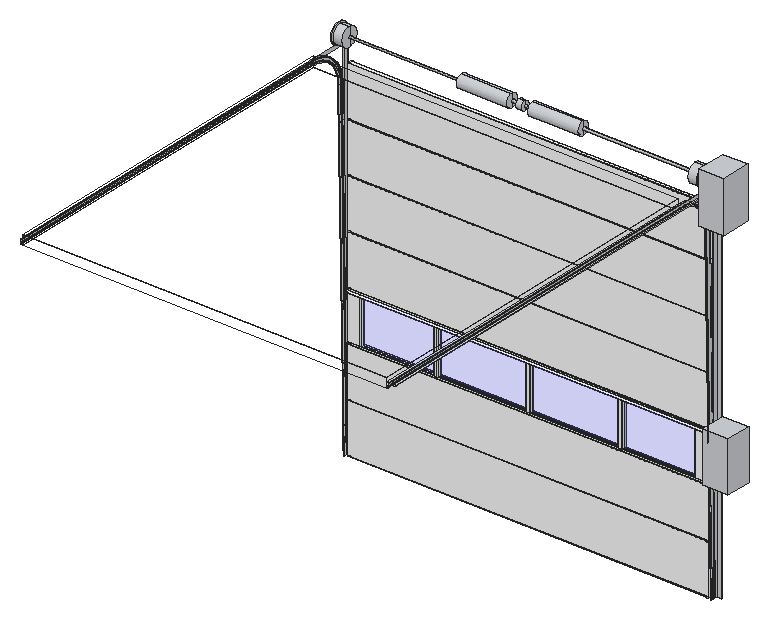
Revit family "EX3200 Complete Door - DraftA", category Doors, host Wall, Revit 2022
Family settings
  Host = Wall
  OmniClass Number = 23.30.10.17.37.14
  OmniClass Title = Sectional Overhead Doors
  Always vertical = Yes
  Cut with Voids When Loaded = No
  Shared = No
  Room Calculation Point = No
Parameters (values of type "By Type")
  Windload = "Doors available rated for various design pressures; consult Clopay for avaialbility and specifications"
  VisSection6 = NumSections = 6  # no
  VisSection5 = NumSections > 4  # yes
  VisSection4 = NumSections > 3  # yes
  VisSection3 = NumSections > 2  # yes
  VisArray = NumSections > 6  # yes
  URL = "www.clopaydoor.com"
  Track Type = Track - Standard Lift : 15" Radius
  Track = "Galvanized steel (gauge varies according to door size)"
  Thickness = 0' - 2"  # constant formula
  Spec Wizard = "http://www.arcat.com/specwizard/08360clo/index.htm"
  Section Height = Height / NumSections  # 2' - 0"
  Section 5 Glazing = Section : Solid
  Section 4 Glazing = Section : Solid
  Section 3 Glazing = Full Vision Section : Intermediate
  Sales Information = "http://www.clopaydoor.com/where-to-buy.aspx?type=dealer"
  Rough Width = 0' - 0"  # constant formula
  Rough Height = 0' - 0"  # constant formula
  R-Value = "9.1"
  Product Features and Benefits = "http://www.clopaydoor.com/insulated-polystyrene-applications.aspx"
  Overlapping Jamb = yes
  Overlap = if(Overlapping Jamb, 0' 1", 0' 0")  # 0' - 1"
  Opening Width = 14' - 2"
  Opening Height = 14' - 0"
  Opener - Right Side = yes
  Opener - Left Side = not([Opener - Right Side])  # no
  Omniclass Table = "23-30 10 17 37 "
  NumSectionsNotRounded = Height / 2' 0"  # 7
  NumSections = NumSectionsNotRounded + 0.4999  # 7
  NumArraySections = if(NumSections > 6, NumSections - 5, 2)  # 2
  Model = "3715"
  Minimum Size = "8' 0'' wide x 7' 0'' high"  # constant formula
  Maximum Size = "16' 2'' wide x 14' 0'' high"  # constant formula
  Maximum High Lift = "10' 0''"  # constant formula
  Manufacturer Website = "http://www.clopaydoor.com"
  Manufacturer Phone Number = "1-800-526-4301"
  Manufacturer Address = "1400 W. Market St., Troy, OH 45373"
  Manufacturer = "Clopay Building Products Company"
  LEED = "http://products.construction.com/swts_content_files/151607/303186.pdf"
  Keynote = "08 36 13"
  Interior Steel = "28 ga. galvanized, primed, and finish painted"
  High Lift = 4' - 0"
  Hardware = "14 ga. min. steel hinges; 10-ball steel rollers"
  GreenFormat = "http://www.greenformat.com/products/1536-Polyurethane%20Insulated%20Doors.rtf"
  Function = Interior
  Height = Opening Height + Rough Width * 0  # 14' - 0"
  Wall Closure = By host
  Width = Opening Width + Rough Width * 0  # 14' - 2"
  FloorToSection7 = 6 * Section Height  # 12' - 0"
  FloorToSection6 = 5 * Section Height  # 10' - 0"
  FloorToSection5 = 4 * Section Height  # 8' - 0"
  FloorToSection4 = 3 * Section Height  # 6' - 0"
  FloorToSection3 = 2 * Section Height  # 4' - 0"
  FloorToSection2 = Section Height  # 2' - 0"
  File Revision = "02 (August, 2012)"
  Exterior Steel = "24 ga. galvanized, primed, and finish painted"
  Double End Stiles = 1 = 1  # yes
  Door Width = Opening Width + Overlap * 2  # 14' - 4"
  Door Height = Opening Height + Rough Width * 0  # 14' - 0"
  Description = "1-3/8'' thick polyurethane insulated, stucco embossed 27 gauge steel exterior with light ribbed pattern."
  Core Material = "Expanded polystyrene"
  Copyright = "2010, Clopay Building Products Company, Inc."
  Control Box - Right Side = [Opener - Right Side]  # yes
  Control Box - Left Side = [Opener - Left Side]  # no
  Color = White
  CAD and Specifications = "http://www.clopaydoor.com/insulated-polystyrene-specs.aspx"
  Assembly Code = "B2030410"
Reference planes (in)
  plane 1 "Center (Front/Back)": y = 0
  plane 2 "Center (Left/Right)": x = 0
  plane 3 "Left": x = -85
  plane 4 "Right": x = 85
  plane 5 "Top": z = 168
  plane 6 "Exterior": y = 3
  plane 7 "Interior": y = -3
  plane 8: z = 120
  plane 9: z = 144
Lines and regions (in)
  Opening 1
    outline origin (-90, -3, 0) x (1, 0, 0) y (0, 0, 1)
      loop
        line (5, 0) -> (175, 0) -> (175, 168) -> (5, 168) -> (5, 0)
Text (in)
  text "Exterior" at (-74.96733, 27.31104, 0), in view "Ref. Level"
  text "Interior" at (-74.96733, -25.14366, 0), in view "Ref. Level"
  text "Exterior" at (0, 40.15149, 123.01588), in view "Right"
  text "Interior" at (0, -64.39139, 123.01588), in view "Right"
  text "Interior" at (0, -31.01599, 123.00693), in view "Left"
  text "Exterior" at (0, 54.57065, 123.00693), in view "Left"
Dimensions and locks (in)
  equal spacing: plane 3 "Left", plane 2 "Center (Left/Right)", plane 4 "Right"
  "Height": level to plane 5 "Top"
  "Width": plane 3 "Left" to plane 4 "Right"
  host wall to plane 5 "Top" = 14' - 0"
  nested 1 to plane 7 "Interior" = 0' - 0 1/2"
  "FloorToSection6": plane 8 to level
  "FloorToSection7": plane 9 to level
  group 1 to group 2 = 0' - 0"  (x2)
  group 1 to group 2 = 2' - 0"
  host wall to host wall = 67' - 6"
  aligned and locked: plane 3 "Left" to Opening 1 sketch curve
  aligned and locked: plane 5 "Top" to Opening 1 sketch curve
  aligned and locked: Opening 1 sketch curve to plane 5 "Top"
  aligned and locked: Opening 1 sketch curve to plane 4 "Right"
  aligned and locked: Opening 1 sketch curve to level
  aligned and locked: plane 6 "Exterior" to host wall
  aligned and locked: host wall to plane 7 "Interior"
  aligned and locked: plane 2 "Center (Left/Right)" to nested 2
  aligned and locked: plane 2 "Center (Left/Right)" to nested 3
  aligned and locked: plane 2 "Center (Left/Right)" to nested 4
  aligned and locked: plane 2 "Center (Left/Right)" to nested 5
  aligned and locked: plane 2 "Center (Left/Right)" to nested 7
  aligned and locked: nested 7 to plane 8
  aligned and locked: nested 8 to plane 9
  aligned and locked: plane 7 "Interior" to nested 2
  aligned and locked: plane 7 "Interior" to nested 7
  aligned and locked: host wall to nested 8
  aligned and locked: plane 7 "Interior" to nested 3
  aligned and locked: host wall to nested 3
  aligned and locked: plane 7 "Interior" to nested 1
  aligned and locked: nested 2 to host wall
  aligned and locked: plane 7 "Interior" to nested 6
  aligned and locked: plane 7 "Interior" to nested 5
  aligned and locked: host wall to nested 7
  aligned and locked: plane 7 "Interior" to nested 4
  aligned and locked: nested 11 to plane 2 "Center (Left/Right)"
Nested families (in)
  nested 1: "Section" at (0, 0, 0), type "Solid"
  nested 2: "Section" at (0, 0, 24), built-in parameter 1001364 <- "Section Height", type "Solid"
  nested 3: "Full Vision Section" at (0, 0, 48), type <- "Section 3 Glazing", built-in parameter 1001364 <- "FloorToSection3", visible <- "VisSection3", type "Intermediate"
    with SingleStileVis no, Rail Width 14' - 3 13/16", NumIntStiles 3, Half Rail Width 7' - 1 29/32", Half Door Width 7' - 2", Glass Width 14' - 2 13/16", End Stile Face 0' - 6", Edge to 1st Int Stile 3' - 6", Double End Stiles yes, Door Width 14' - 4", ArrayStileVis yes, ArrayIntStiles 3
  nested 4: "Section" at (0, 0, 120), built-in parameter 1001364 <- "FloorToSection6", visible <- "VisSection6", type "Solid"
  nested 5: "Section" at (0, 0, 96), built-in parameter 1001364 <- "FloorToSection5", type <- "Section 5 Glazing", visible <- "VisSection5", type "Solid"
  nested 6: "Section" at (0, 0, 72), type <- "Section 4 Glazing", built-in parameter 1001364 <- "FloorToSection4", visible <- "VisSection4", type "Solid"
  nested 7: "Section" at (0, 0, 120), visible <- "VisArray", type "Solid"
  nested 8: "Section" at (0, 0, 144), visible <- "VisArray", type "Solid"
  nested 9: "Section" at (0, 4.67704, 636.93806), type "Windows - 24x8", not visible
  nested 10: "Section" at (0, 4.63986, 609.3176), type "Windows - 24x12", not visible
  nested 11: "Track - Standard Lift" at (0, 0, 0) x (-1, 0, 0) z (0, 0, 1), type <- "Track Type", type "15" Radius"
    with TrackToTrack 14' - 6", Door Width 14' - 4", CenterToLHTrack 7' - 3", CenterToRHTrack -7' - 3", CenterToJackShaft 7' - 7"
Definition of nested family "Section"
  Parameters (values of type "Windows - 24x12")
    X9 = if(if(NumArrayedWindows < NumWindows, NumArrayedWindows + 1, NumWindows) < 9, X1, X8 + WindowSpacing)  # 0' - 8 1/2"
    X8 = if(if(NumArrayedWindows < NumWindows, NumArrayedWindows + 1, NumWindows) < 8, X1, X7 + WindowSpacing)  # 0' - 8 1/2"
    X7 = if(if(NumArrayedWindows < NumWindows, NumArrayedWindows + 1, NumWindows) < 7, X1, X6 + WindowSpacing)  # 0' - 8 1/2"
    X6 = if(if(NumArrayedWindows < NumWindows, NumArrayedWindows + 1, NumWindows) < 6, X1, X5 + WindowSpacing)  # 0' - 8 1/2"
    X5 = if(if(NumArrayedWindows < NumWindows, NumArrayedWindows + 1, NumWindows) < 5, X1, X4 + WindowSpacing)  # 0' - 8 1/2"
    X4 = if(if(NumArrayedWindows < NumWindows, NumArrayedWindows + 1, NumWindows) < 4, X1, X3 + WindowSpacing)  # 11' - 8 1/2"
    X3 = if(NumWindows < 3, X1, X2 + WindowSpacing)  # 8' - 0 1/2"
    X2 = if(NumWindows < 2, ((Door Width - (NumWindows - 1) * WindowSpacing) / 2 - Cutout Width / 2), ((Door Width - (NumWindows - 1) * WindowSpacing) / 2 - Cutout Width / 2) + WindowSpacing)  # 4' - 4 1/2"
    Windows = 37xx Window Array : 24x12
    WindowVis = yes
    WindowSpacing = if(and(Door Width < 10' 0", Door Width > 9' 2"), 3' 4", 3' 8")  # 3' - 8"
    WindowCutDepth = 0' - 2"
    Section Height = 2' - 0"
    RibSpacing = Section Height / (NumRibs + 1)  # 0' - 4"
    NumWindows = if(Door Width < 9' 4", 2, if(Door Width < 13' 4", 3, if(Door Width < 16' 4", 4, if(Door Width < 20' 4", 5, if(Door Width < 24' 4", 6, if(Door Width < 26' 4", 7, if(Door Width < 31' 8", 8, 10)))))))  # 4
    NumRibs = if(Section Height < 1' 9", 3, if(Section Height < 2' 0", 4, 5))  # 5
    NumArrayedWindows = if(X2 = X1, NumWindows - 2, NumWindows)  # 4
    Half Section Height = Section Height / 2  # 1' - 0"
    Half Door Width Neg = -Half Door Width  # -7' - 2"
    Half Door Width = Door Width / 2  # 7' - 2"
    Half Cutout Height = Cutout Height / 2  # 0' - 5 1/2"
    Function = (empty or 0)
    Height = 0' - 0"
    Wall Closure = (empty or 0)
    Width = 0' - 0"
    X1 = if(or(Door Width > 31' 6", and(Door Width > 26' 2", Door Width < 28' 1"), Door Width = 24' 3", Door Width = 24' 4", and(Door Width > 20' 2", Door Width < 20' 11"), and(Door Width > 16' 2", Door Width < 17' 3")), X2, (Door Width - (NumWindows - 1) * WindowSpacing) / 2 - Cutout Width / 2)  # 0' - 8 1/2"
    Door Width = 14' - 4"
    Define Thermal Properties by = 1
    CutoutToCutout = 1' - 0"
    Cutout Width = 1' - 11"
    Cutout Height = 0' - 11"
    Color = none
    BtmTo1stRib = RibSpacing  # 0' - 4"
    Assembly Code = ""
    Analytic Construction = "<None>"
  Types (3): name | Windows | WindowVis | WindowCutDepth | Half Cutout Height | Cutout Height
    Windows - 24x12 | 37xx Window Array : 24x12 | yes | 0' - 2" | 0' - 5 1/2" | 0' - 11"
    Windows - 24x8 | 37xx Window Array : 24x8 | yes | 0' - 2" | 0' - 3 1/2" | 0' - 7"
    Solid | 37xx Window Array : 24x8 | no | -0' - 0 13/128" | 0' - 3 1/2" | 0' - 7"
  Reference planes (in)
    plane 1 "Center (Front/Back)": y = 0
    plane 2 "Center (Left/Right)": x = 0
    plane 3 "Exterior": y = 3
    plane 4 "Interior": y = -3
    plane 5: y = -3.5
    plane 6: x = 86
    plane 7: x = -86
    plane 8: z = 4
    plane 9: z = 8
    plane 10: z = 24
    plane 11: z = 12
    plane 12: z = 0
  Forms (in)
    Extrusion 1, solid, material <- "Color"
      sketch origin (-86, -12, 83.08252) x (0, 0, 1) y (0, -1, 0)
        loop
          line (-59.08252, -8.37573) -> (-59.08252, -6.62444)
          arc (-59.08252, -6.62444) -> (-59.11897, -6.53645) -> (-59.20696, -6.5) r 0.12444
          line (-59.20696, -6.5) -> (-82.95809, -6.5)
          arc (-82.95809, -6.5) -> (-83.04608, -6.53645) -> (-83.08252, -6.62444) r 0.12444
          line (-83.08252, -6.62444) -> (-83.08252, -8.37573)
          arc (-83.08252, -8.37573) -> (-83.04612, -8.4636) -> (-82.95825, -8.5) r 0.12427
          line (-82.95825, -8.5) -> (-59.20679, -8.5)
          arc (-59.20679, -8.5) -> (-59.11892, -8.4636) -> (-59.08252, -8.37573) r 0.12427
      from 0 to 172 <- "Door Width"
    Extrusion 2, void
      sketch origin (0, 0, -0.5) x (0, -1, 0) y (0, 0, 1)
        loop
          line (3.5, 4.62727) -> (3.5, 4.37273) -> (3.53032, 4.41942)
          arc (3.53032, 4.41942) -> (3.53753, 4.43506) -> (3.54, 4.4521) r 0.06
          line (3.54, 4.4521) -> (3.54, 4.5479)
          arc (3.54, 4.5479) -> (3.53753, 4.56494) -> (3.53032, 4.58058) r 0.06
          line (3.53032, 4.58058) -> (3.5, 4.62727)
      from -86 <- "Half Door Width Neg" to 172 <- "Door Width"
    Extrusion 3, void
      sketch origin (0, 0, 3.5) x (0, -1, 0) y (0, 0, 1)
        loop
          line (3.5, 4.62727) -> (3.5, 4.37273) -> (3.53032, 4.41942)
          arc (3.53032, 4.41942) -> (3.53753, 4.43506) -> (3.54, 4.4521) r 0.06
          line (3.54, 4.4521) -> (3.54, 4.5479)
          arc (3.54, 4.5479) -> (3.53753, 4.56494) -> (3.53032, 4.58058) r 0.06
          line (3.53032, 4.58058) -> (3.5, 4.62727)
      from -86 <- "Half Door Width Neg" to 172 <- "Door Width"
    Extrusion 4, void
      sketch origin (0, 0, 7.5) x (0, -1, 0) y (0, 0, 1)
        loop
          line (3.5, 4.62727) -> (3.5, 4.37273) -> (3.53032, 4.41942)
          arc (3.53032, 4.41942) -> (3.53753, 4.43506) -> (3.54, 4.4521) r 0.06
          line (3.54, 4.4521) -> (3.54, 4.5479)
          arc (3.54, 4.5479) -> (3.53753, 4.56494) -> (3.53032, 4.58058) r 0.06
          line (3.53032, 4.58058) -> (3.5, 4.62727)
      from -86 <- "Half Door Width Neg" to 172 <- "Door Width"
    Extrusion 5, void
      sketch origin (-98.15385, -3.5, 48) x (1, 0, 0) y (0, 0, 1)
        loop
          line (175.65385, -30.5) -> (152.65385, -30.5) -> (152.65385, -36) -> (175.65385, -36) -> (175.65385, -30.5)
      from 0 to 2 <- "WindowCutDepth"
    Extrusion 6, void
      sketch origin (-98.15385, -3.5, -24) x (1, 0, 0) y (0, 0, 1)
        loop
          line (175.65385, 30.5) -> (175.65385, 36) -> (152.65385, 36) -> (152.65385, 30.5) -> (175.65385, 30.5)
      from 0 to 2 <- "WindowCutDepth"
    Extrusion 7, void
      sketch origin (-136.15385, -3.5, 48) x (1, 0, 0) y (0, 0, 1)
        loop
          line (169.65385, -30.5) -> (146.65385, -30.5) -> (146.65385, -36) -> (169.65385, -36) -> (169.65385, -30.5)
      from 0 to 2 <- "WindowCutDepth"
    Extrusion 8, void
      sketch origin (-136.15385, -3.5, -24) x (1, 0, 0) y (0, 0, 1)
        loop
          line (169.65385, 30.5) -> (169.65385, 36) -> (146.65385, 36) -> (146.65385, 30.5) -> (169.65385, 30.5)
      from 0 to 2 <- "WindowCutDepth"
    Extrusion 9, void
      sketch origin (-171.15385, -3.5, 48) x (1, 0, 0) y (0, 0, 1)
        loop
          line (160.65385, -30.5) -> (137.65385, -30.5) -> (137.65385, -36) -> (160.65385, -36) -> (160.65385, -30.5)
      from 0 to 2 <- "WindowCutDepth"
    Extrusion 10, void
      sketch origin (-171.15385, -3.5, -24) x (1, 0, 0) y (0, 0, 1)
        loop
          line (160.65385, 30.5) -> (160.65385, 36) -> (137.65385, 36) -> (137.65385, 30.5) -> (160.65385, 30.5)
      from 0 to 2 <- "WindowCutDepth"
    Extrusion 11, void
      sketch origin (-214.15385, -3.5, 48) x (1, 0, 0) y (0, 0, 1)
        loop
          line (159.65385, -30.5) -> (136.65385, -30.5) -> (136.65385, -36) -> (159.65385, -36) -> (159.65385, -30.5)
      from 0 to 2 <- "WindowCutDepth"
    Extrusion 12, void
      sketch origin (-214.15385, -3.5, -24) x (1, 0, 0) y (0, 0, 1)
        loop
          line (159.65385, 30.5) -> (159.65385, 36) -> (136.65385, 36) -> (136.65385, 30.5) -> (159.65385, 30.5)
      from 0 to 2 <- "WindowCutDepth"
    Extrusion 13, void
      sketch origin (-256.15385, -3.5, 48) x (1, 0, 0) y (0, 0, 1)
        loop
          line (333.65385, -30.5) -> (310.65385, -30.5) -> (310.65385, -36) -> (333.65385, -36) -> (333.65385, -30.5)
      from 0 to 2 <- "WindowCutDepth"
    Extrusion 14, void
      sketch origin (-256.15385, -3.5, -24) x (1, 0, 0) y (0, 0, 1)
        loop
          line (333.65385, 30.5) -> (333.65385, 36) -> (310.65385, 36) -> (310.65385, 30.5) -> (333.65385, 30.5)
      from 0 to 2 <- "WindowCutDepth"
    Extrusion 15, void
      sketch origin (-294.15385, -3.5, 48) x (1, 0, 0) y (0, 0, 1)
        loop
          line (371.65385, -30.5) -> (348.65385, -30.5) -> (348.65385, -36) -> (371.65385, -36) -> (371.65385, -30.5)
      from 0 to 2 <- "WindowCutDepth"
    Extrusion 16, void
      sketch origin (-294.15385, -3.5, -24) x (1, 0, 0) y (0, 0, 1)
        loop
          line (371.65385, 30.5) -> (371.65385, 36) -> (348.65385, 36) -> (348.65385, 30.5) -> (371.65385, 30.5)
      from 0 to 2 <- "WindowCutDepth"
    Extrusion 17, void
      sketch origin (-331.15385, -3.5, 48) x (1, 0, 0) y (0, 0, 1)
        loop
          line (408.65385, -30.5) -> (385.65385, -30.5) -> (385.65385, -36) -> (408.65385, -36) -> (408.65385, -30.5)
      from 0 to 2 <- "WindowCutDepth"
    Extrusion 18, void
      sketch origin (-331.15385, -3.5, -24) x (1, 0, 0) y (0, 0, 1)
        loop
          line (408.65385, 30.5) -> (408.65385, 36) -> (385.65385, 36) -> (385.65385, 30.5) -> (408.65385, 30.5)
      from 0 to 2 <- "WindowCutDepth"
    Extrusion 19, void
      sketch origin (-368.15385, -3.5, 48) x (1, 0, 0) y (0, 0, 1)
        loop
          line (445.65385, -30.5) -> (422.65385, -30.5) -> (422.65385, -36) -> (445.65385, -36) -> (445.65385, -30.5)
      from 0 to 2 <- "WindowCutDepth"
    Extrusion 20, void
      sketch origin (-368.15385, -3.5, -24) x (1, 0, 0) y (0, 0, 1)
        loop
          line (445.65385, 30.5) -> (445.65385, 36) -> (422.65385, 36) -> (422.65385, 30.5) -> (445.65385, 30.5)
      from 0 to 2 <- "WindowCutDepth"
    Extrusion 21, void
      sketch origin (-407.15385, -3.5, 48) x (1, 0, 0) y (0, 0, 1)
        loop
          line (484.65385, -30.5) -> (461.65385, -30.5) -> (461.65385, -36) -> (484.65385, -36) -> (484.65385, -30.5)
      from 0 to 2 <- "WindowCutDepth"
    Extrusion 22, void
      sketch origin (-407.15385, -3.5, -24) x (1, 0, 0) y (0, 0, 1)
        loop
          line (484.65385, 30.5) -> (484.65385, 36) -> (461.65385, 36) -> (461.65385, 30.5) -> (484.65385, 30.5)
      from 0 to 2 <- "WindowCutDepth"
    Extrusion 23, void
      sketch origin (0, 0, 11.5) x (0, -1, 0) y (0, 0, 1)
        loop
          line (3.5, 4.62727) -> (3.5, 4.37273) -> (3.53032, 4.41942)
          arc (3.53032, 4.41942) -> (3.53753, 4.43506) -> (3.54, 4.4521) r 0.06
          line (3.54, 4.4521) -> (3.54, 4.5479)
          arc (3.54, 4.5479) -> (3.53753, 4.56494) -> (3.53032, 4.58058) r 0.06
          line (3.53032, 4.58058) -> (3.5, 4.62727)
      from -86 <- "Half Door Width Neg" to 172 <- "Door Width"
    Extrusion 24, void
      sketch origin (0, 0, 15.5) x (0, -1, 0) y (0, 0, 1)
        loop
          line (3.5, 4.62727) -> (3.5, 4.37273) -> (3.53032, 4.41942)
          arc (3.53032, 4.41942) -> (3.53753, 4.43506) -> (3.54, 4.4521) r 0.06
          line (3.54, 4.4521) -> (3.54, 4.5479)
          arc (3.54, 4.5479) -> (3.53753, 4.56494) -> (3.53032, 4.58058) r 0.06
          line (3.53032, 4.58058) -> (3.5, 4.62727)
      from -86 <- "Half Door Width Neg" to 172 <- "Door Width"
  Cuts and joins
    Extrusion 2, Extrusion 3, Extrusion 4, Extrusion 5, Extrusion 6, Extrusion 7, Extrusion 8, Extrusion 9, Extrusion 10, Extrusion 11, Extrusion 12, Extrusion 13, Extrusion 14, Extrusion 15, Extrusion 16, Extrusion 17, Extrusion 18, Extrusion 19, Extrusion 20, Extrusion 21, Extrusion 22, Extrusion 23, Extrusion 24 cuts Extrusion 1
  Lines and regions (in)
    reference lines
      curve 1: line (-72, -3.54, 4) -> (-72, -3.5, 4)
      curve 2: line (-72, -5.45984, 4) -> (-72, -5.49984, 4)
      curve 3: line (-72, -3.54, 8) -> (-72, -3.5, 8)
      curve 4: line (-72, -3.54, 12) -> (-72, -3.5, 12)
      curve 5: line (-72, -5.45984, 4) -> (-72, -5.49984, 4)
      curve 6: line (-72, -5.45984, 8) -> (-72, -5.49984, 8)
      curve 7: line (-72, -5.45984, 12) -> (-72, -5.49984, 12)
      curve 8: line (-72, -3.54, 16) -> (-72, -3.5, 16)
      curve 9: line (-72, -5.45984, 16) -> (-72, -5.49984, 16)
      curve 10: line (-72, -3.54, 20) -> (-72, -3.5, 20)
      curve 11: line (-72, -5.45984, 20) -> (-72, -5.49984, 20)
  Text (in)
    text "Exterior" at (-74.96733, 27.31104, 0), in view "Ref. Level"
    text "Interior" at (-74.96733, -25.14366, 0), in view "Ref. Level"
    text "Exterior" at (0, 40.15149, 123.01588), in view "Right"
    text "Interior" at (0, -64.39139, 123.01588), in view "Right"
    text "Interior" at (0, -31.01599, 123.00693), in view "Left"
    text "Exterior" at (0, 54.57065, 123.00693), in view "Left"
  Dimensions and locks (in)
    plane 4 "Interior" to plane 5 = 0' - 0 1/2"
    "Half Door Width": plane 2 "Center (Left/Right)" to plane 7
    "Half Door Width": plane 6 to plane 2 "Center (Left/Right)"
    Extrusion 1 sketch curve to Extrusion 1 sketch curve = 0' - 2"
    Extrusion 2 sketch curve to Extrusion 2 sketch curve = 0' - 0.25454"
    Extrusion 2 sketch curve to Extrusion 2 sketch curve = 0' - 0.04"  (x2)
    "BtmTo1stRib": plane 8 to level
    curve 1 to Extrusion 2 sketch curve = 0' - 0.12727"
    "RibSpacing": plane 9 to plane 8
    "Section Height": plane 10 to level
    Extrusion 3 sketch curve to Extrusion 3 sketch curve = 0' - 0.25454"
    Extrusion 3 sketch curve to Extrusion 3 sketch curve = 0' - 0.04"  (x2)
    curve 3 to Extrusion 3 sketch curve = 0' - 0.12727"
    equal spacing: group 1, group 2, group 3, group 4, group 5  (x3)
    Extrusion 4 sketch curve to Extrusion 4 sketch curve = 0' - 0.25454"
    Extrusion 4 sketch curve to Extrusion 4 sketch curve = 0' - 0.04"  (x2)
    curve 4 to Extrusion 4 sketch curve = 0' - 0.12727"
    "Half Section Height": level to plane 11
    "Cutout Width": Extrusion 5 sketch curve to Extrusion 5 sketch curve
    "Half Cutout Height": Extrusion 5 sketch curve to Extrusion 5 sketch curve
    "Cutout Width": Extrusion 6 sketch curve to Extrusion 6 sketch curve
    "Half Cutout Height": Extrusion 6 sketch curve to Extrusion 6 sketch curve
    "X1": cut or joined group 1 (Extrusion 1, Extrusion 2, Extrusion 3, Extrusion 4, Extrusion 5, Extrusion 6, Extrusion 7, Extrusion 8, Extrusion 9, Extrusion 10, Extrusion 11, Extrusion 12, Extrusion 13, Extrusion 14, Extrusion 15, Extrusion 16, Extrusion 17, Extrusion 18, Extrusion 19, Extrusion 20, Extrusion 21, Extrusion 22, Extrusion 23, Extrusion 24) to cut or joined group 1
    "Cutout Width": Extrusion 7 sketch curve to Extrusion 7 sketch curve
    "Half Cutout Height": Extrusion 7 sketch curve to Extrusion 7 sketch curve
    "Cutout Width": Extrusion 8 sketch curve to Extrusion 8 sketch curve
    "Half Cutout Height": Extrusion 8 sketch curve to Extrusion 8 sketch curve
    "Cutout Width": Extrusion 9 sketch curve to Extrusion 9 sketch curve
    "Half Cutout Height": Extrusion 9 sketch curve to Extrusion 9 sketch curve
    "Cutout Width": Extrusion 10 sketch curve to Extrusion 10 sketch curve
    "Half Cutout Height": Extrusion 10 sketch curve to Extrusion 10 sketch curve
    "X2": plane 6 to cut or joined group 1
    "X3": plane 6 to cut or joined group 1
    "Cutout Width": Extrusion 11 sketch curve to Extrusion 11 sketch curve
    "Half Cutout Height": Extrusion 11 sketch curve to Extrusion 11 sketch curve
    "Cutout Width": Extrusion 12 sketch curve to Extrusion 12 sketch curve
    "Half Cutout Height": Extrusion 12 sketch curve to Extrusion 12 sketch curve
    "Cutout Width": Extrusion 13 sketch curve to Extrusion 13 sketch curve
    "Half Cutout Height": Extrusion 13 sketch curve to Extrusion 13 sketch curve
    "Cutout Width": Extrusion 14 sketch curve to Extrusion 14 sketch curve
    "Half Cutout Height": Extrusion 14 sketch curve to Extrusion 14 sketch curve
    "Cutout Width": Extrusion 15 sketch curve to Extrusion 15 sketch curve
    "Half Cutout Height": Extrusion 15 sketch curve to Extrusion 15 sketch curve
    "Cutout Width": Extrusion 16 sketch curve to Extrusion 16 sketch curve
    "Half Cutout Height": Extrusion 16 sketch curve to Extrusion 16 sketch curve
    "Cutout Width": Extrusion 17 sketch curve to Extrusion 17 sketch curve
    "Half Cutout Height": Extrusion 17 sketch curve to Extrusion 17 sketch curve
    "Cutout Width": Extrusion 18 sketch curve to Extrusion 18 sketch curve
    "Half Cutout Height": Extrusion 18 sketch curve to Extrusion 18 sketch curve
    "Cutout Width": Extrusion 19 sketch curve to Extrusion 19 sketch curve
    "Half Cutout Height": Extrusion 19 sketch curve to Extrusion 19 sketch curve
    "Cutout Width": Extrusion 20 sketch curve to Extrusion 20 sketch curve
    "Half Cutout Height": Extrusion 20 sketch curve to Extrusion 20 sketch curve
    "Cutout Width": Extrusion 21 sketch curve to Extrusion 21 sketch curve
    "Half Cutout Height": Extrusion 21 sketch curve to Extrusion 21 sketch curve
    "Cutout Width": Extrusion 22 sketch curve to Extrusion 22 sketch curve
    "Half Cutout Height": Extrusion 22 sketch curve to Extrusion 22 sketch curve
    "X4": plane 6 to cut or joined group 1
    "X5": plane 6 to cut or joined group 1
    "X6": plane 6 to cut or joined group 1
    "X7": plane 6 to cut or joined group 1
    "X8": plane 6 to cut or joined group 1
    "X9": plane 6 to cut or joined group 1
    locked: nested 1 to cut or joined group 1 at 1  (x2)
    locked: nested 1 to cut or joined group 1 at 0.125
    Extrusion 23 sketch curve to Extrusion 23 sketch curve = 0' - 0.25454"
    Extrusion 23 sketch curve to Extrusion 23 sketch curve = 0' - 0.04"  (x2)
    curve 8 to Extrusion 23 sketch curve = 0' - 0.12727"
    Extrusion 24 sketch curve to Extrusion 24 sketch curve = 0' - 0.25454"
    Extrusion 24 sketch curve to Extrusion 24 sketch curve = 0' - 0.04"  (x2)
    curve 10 to Extrusion 24 sketch curve = 0' - 0.12727"
    locked: plane 4 "Interior" to cut or joined group 1 at 0.5
    radius of Extrusion 1 sketch curve = 0' - 0.12427"  (x2)
    radius of Extrusion 1 sketch curve = 0' - 0.12444"  (x2)
    angle Extrusion 2 sketch curve to Extrusion 2 sketch curve = 147.00°  (x2)
    angle Extrusion 3 sketch curve to Extrusion 3 sketch curve = 147.00°  (x2)
    angle Extrusion 4 sketch curve to Extrusion 4 sketch curve = 147.00°  (x2)
    angle Extrusion 23 sketch curve to Extrusion 23 sketch curve = 147.00°  (x2)
    angle Extrusion 24 sketch curve to Extrusion 24 sketch curve = 147.00°  (x2)
    aligned and locked: Extrusion 1 sketch curve to plane 5
    aligned and locked: plane 8 to curve 1
    aligned and locked: plane 9 to curve 3
    aligned and locked: Extrusion 5 sketch curve to plane 11
    aligned and locked: plane 11 to Extrusion 6 sketch curve
    aligned and locked: cut or joined group 1 to cut or joined group 1  (x9)
    aligned and locked: plane 12 to level
  Automatic sketch dimensions
    curve 2 to curve 1 = 0' - 1.91984"
    curve 1 to curve 1 = 0' - 0.04"  (x2)
    curve 1 to curve 2 = 0' - 1.91984"
    curve 2 to curve 2 = 0' - 0.04"  (x2)
    Extrusion 2 sketch curve to Extrusion 2 sketch curve = 0' - 0"
    Extrusion 2 sketch curve to Extrusion 2 sketch curve = 0' - 0.02"
    Extrusion 2 sketch curve to Extrusion 2 sketch curve = 0' - 0.00968"  (x2)
    curve 5 to curve 1 = 0' - 0"
    curve 1 to curve 5 = 0' - 1.91984"
    curve 5 to curve 5 = 0' - 0.04"
    Extrusion 3 sketch curve to Extrusion 3 sketch curve = 0' - 0"
    Extrusion 3 sketch curve to Extrusion 3 sketch curve = 0' - 0.02"
    Extrusion 3 sketch curve to Extrusion 3 sketch curve = 0' - 0.00968"  (x2)
    curve 6 to curve 3 = 0' - 0"
    curve 3 to curve 3 = 0' - 0.04"
    curve 3 to curve 6 = 0' - 1.91984"
    curve 6 to curve 6 = 0' - 0.04"
    Extrusion 4 sketch curve to Extrusion 4 sketch curve = 0' - 0"
    Extrusion 4 sketch curve to Extrusion 4 sketch curve = 0' - 0.02"
    Extrusion 4 sketch curve to Extrusion 4 sketch curve = 0' - 0.00968"  (x2)
    curve 7 to curve 4 = 0' - 0"
    curve 4 to curve 4 = 0' - 0.04"
    curve 4 to curve 7 = 0' - 1.91984"
    curve 7 to curve 7 = 0' - 0.04"
    curve 2 to plane 8 = 0' - 0"
    curve 2 to plane 5 = 0' - 1.95984"
    Extrusion 5 sketch curve to plane 6 = 2' - 7 1/2"
    Extrusion 6 sketch curve to plane 6 = 2' - 7 1/2"
    Extrusion 7 sketch curve to plane 11 = 0' - 0"
    Extrusion 7 sketch curve to plane 6 = 6' - 3 1/2"
    Extrusion 8 sketch curve to plane 11 = 0' - 0"
    Extrusion 8 sketch curve to plane 6 = 6' - 3 1/2"
    Extrusion 9 sketch curve to plane 11 = 0' - 0"
    Extrusion 9 sketch curve to plane 6 = 9' - 11 1/2"
    Extrusion 10 sketch curve to plane 11 = 0' - 0"
    Extrusion 10 sketch curve to plane 6 = 9' - 11 1/2"
    Extrusion 11 sketch curve to plane 11 = 0' - 0"
    Extrusion 11 sketch curve to plane 2 "Center (Left/Right)" = 6' - 5 1/2"
    Extrusion 12 sketch curve to plane 11 = 0' - 0"
    Extrusion 12 sketch curve to plane 2 "Center (Left/Right)" = 6' - 5 1/2"
    Extrusion 13 sketch curve to plane 11 = 0' - 0"
    plane 2 "Center (Left/Right)" to Extrusion 13 sketch curve = 4' - 6 1/2"
    Extrusion 14 sketch curve to plane 11 = 0' - 0"
    plane 2 "Center (Left/Right)" to Extrusion 14 sketch curve = 4' - 6 1/2"
    Extrusion 15 sketch curve to plane 11 = 0' - 0"
    plane 2 "Center (Left/Right)" to Extrusion 15 sketch curve = 4' - 6 1/2"
    Extrusion 16 sketch curve to plane 11 = 0' - 0"
    plane 2 "Center (Left/Right)" to Extrusion 16 sketch curve = 4' - 6 1/2"
    Extrusion 17 sketch curve to plane 11 = 0' - 0"
    plane 2 "Center (Left/Right)" to Extrusion 17 sketch curve = 4' - 6 1/2"
    Extrusion 18 sketch curve to plane 11 = 0' - 0"
    plane 2 "Center (Left/Right)" to Extrusion 18 sketch curve = 4' - 6 1/2"
    Extrusion 19 sketch curve to plane 11 = 0' - 0"
    plane 7 to Extrusion 19 sketch curve = 11' - 8 1/2"
    Extrusion 20 sketch curve to plane 11 = 0' - 0"
    plane 7 to Extrusion 20 sketch curve = 11' - 8 1/2"
    Extrusion 21 sketch curve to plane 11 = 0' - 0"
    plane 7 to Extrusion 21 sketch curve = 11' - 8 1/2"
    Extrusion 22 sketch curve to plane 11 = 0' - 0"
    plane 7 to Extrusion 22 sketch curve = 11' - 8 1/2"
    Extrusion 1 sketch curve to plane 10 = 0' - 0"
    Extrusion 1 sketch curve to level = 0' - 0"
    Extrusion 23 sketch curve to Extrusion 23 sketch curve = 0' - 0"
    Extrusion 23 sketch curve to Extrusion 23 sketch curve = 0' - 0.02"
    Extrusion 23 sketch curve to Extrusion 23 sketch curve = 0' - 0.00968"  (x2)
    curve 9 to curve 8 = 0' - 0"
    curve 8 to curve 8 = 0' - 0.04"
    curve 8 to curve 9 = 0' - 1.91984"
    curve 9 to curve 9 = 0' - 0.04"
    Extrusion 24 sketch curve to Extrusion 24 sketch curve = 0' - 0"
    Extrusion 24 sketch curve to Extrusion 24 sketch curve = 0' - 0.02"
    Extrusion 24 sketch curve to Extrusion 24 sketch curve = 0' - 0.00968"  (x2)
    curve 11 to curve 10 = 0' - 0"
    curve 10 to curve 10 = 0' - 0.04"
    curve 10 to curve 11 = 0' - 1.91984"
    curve 11 to curve 11 = 0' - 0.04"
  Nested families (in)
    nested 1: "37xx Window Array" at (66, -3.375, 7.5) x (-1, 0, 0) z (0, 0, 1), type <- "Windows", visible <- "WindowVis", type "24x12"
      with NumWindows 4, Frame Height 1' - 1"
  Definition of nested family "37xx Window Array"
    Parameters
      Window Spacing = 3' - 8"
      NumWindows = 3
      Frame Width = 2' - 1"
      Frame Height = 0' - 9"
      Default Elevation = 0' - 0"
      Color = none
      Assembly Code = ""
    Reference planes (in)
      plane 1 "Center (Front/Back)": y = 0
      plane 2: z = 0
      plane 3 "Center (Left/Right)": x = 0
      plane 4: y = -1
    Forms (in)
      Extrusion 1, solid, material <- "Color"
        sketch origin (-1.38592, 0, 0) x (1, 0, 0) y (0, 0, 1)
          loop
            line (-8.86408, 1.625) -> (11.63592, 1.625)
            arc (11.63592, 1.625) -> (12.07786, 1.80806) -> (12.26092, 2.25) r 0.625
            line (12.26092, 2.25) -> (12.26092, 6.75)
            arc (12.26092, 6.75) -> (12.07786, 7.19194) -> (11.63592, 7.375) r 0.625
            line (11.63592, 7.375) -> (-8.86408, 7.375)
            arc (-8.86408, 7.375) -> (-9.30602, 7.19194) -> (-9.48908, 6.75) r 0.625
            line (-9.48908, 6.75) -> (-9.48908, 2.25)
            arc (-9.48908, 2.25) -> (-9.30602, 1.80806) -> (-8.86408, 1.625) r 0.625
          loop
            line (-10.48908, 0) -> (13.26092, 0)
            arc (13.26092, 0) -> (13.70286, 0.18306) -> (13.88592, 0.625) r 0.625
            line (13.88592, 0.625) -> (13.88592, 8.375)
            arc (13.88592, 8.375) -> (13.70286, 8.81694) -> (13.26092, 9) r 0.625
            line (13.26092, 9) -> (-10.48908, 9)
            arc (-10.48908, 9) -> (-10.93102, 8.81694) -> (-11.11408, 8.375) r 0.625
            line (-11.11408, 8.375) -> (-11.11408, 0.625)
            arc (-11.11408, 0.625) -> (-10.93102, 0.18306) -> (-10.48908, 0) r 0.625
        from 0 to 2.25
      Extrusion 2, solid
        sketch origin (0, -1, 15.9844) x (0, 0, 1) y (-1, 0, 0)
          loop
            arc (-8.6094, 10.25) -> (-8.79246, 10.69194) -> (-9.2344, 10.875) r 0.625
            line (-9.2344, 10.875) -> (-13.7344, 10.875)
            arc (-13.7344, 10.875) -> (-14.17634, 10.69194) -> (-14.3594, 10.25) r 0.625
            line (-14.3594, 10.25) -> (-14.3594, -10.25)
            arc (-14.3594, -10.25) -> (-14.17634, -10.69194) -> (-13.7344, -10.875) r 0.625
            line (-13.7344, -10.875) -> (-9.2344, -10.875)
            arc (-9.2344, -10.875) -> (-8.79246, -10.69194) -> (-8.6094, -10.25) r 0.625
            line (-8.6094, -10.25) -> (-8.6094, 10.25)
        from 0 to 0.25
      Extrusion 3, solid, material <- "Color"
        sketch origin (42.61408, 0, 0) x (1, 0, 0) y (0, 0, 1)
          loop
            line (-8.86408, 1.625) -> (11.63592, 1.625)
            arc (11.63592, 1.625) -> (12.07786, 1.80806) -> (12.26092, 2.25) r 0.625
            line (12.26092, 2.25) -> (12.26092, 6.75)
            arc (12.26092, 6.75) -> (12.07786, 7.19194) -> (11.63592, 7.375) r 0.625
            line (11.63592, 7.375) -> (-8.86408, 7.375)
            arc (-8.86408, 7.375) -> (-9.30602, 7.19194) -> (-9.48908, 6.75) r 0.625
            line (-9.48908, 6.75) -> (-9.48908, 2.25)
            arc (-9.48908, 2.25) -> (-9.30602, 1.80806) -> (-8.86408, 1.625) r 0.625
          loop
            line (-10.48908, 0) -> (13.26092, 0)
            arc (13.26092, 0) -> (13.70286, 0.18306) -> (13.88592, 0.625) r 0.625
            line (13.88592, 0.625) -> (13.88592, 8.375)
            arc (13.88592, 8.375) -> (13.70286, 8.81694) -> (13.26092, 9) r 0.625
            line (13.26092, 9) -> (-10.48908, 9)
            arc (-10.48908, 9) -> (-10.93102, 8.81694) -> (-11.11408, 8.375) r 0.625
            line (-11.11408, 8.375) -> (-11.11408, 0.625)
            arc (-11.11408, 0.625) -> (-10.93102, 0.18306) -> (-10.48908, 0) r 0.625
        from 0 to 2.25
      Extrusion 4, solid
        sketch origin (44, -1, 15.9844) x (0, 0, 1) y (-1, 0, 0)
          loop
            arc (-8.6094, 10.25) -> (-8.79246, 10.69194) -> (-9.2344, 10.875) r 0.625
            line (-9.2344, 10.875) -> (-13.7344, 10.875)
            arc (-13.7344, 10.875) -> (-14.17634, 10.69194) -> (-14.3594, 10.25) r 0.625
            line (-14.3594, 10.25) -> (-14.3594, -10.25)
            arc (-14.3594, -10.25) -> (-14.17634, -10.69194) -> (-13.7344, -10.875) r 0.625
            line (-13.7344, -10.875) -> (-9.2344, -10.875)
            arc (-9.2344, -10.875) -> (-8.79246, -10.69194) -> (-8.6094, -10.25) r 0.625
            line (-8.6094, -10.25) -> (-8.6094, 10.25)
        from 0 to 0.25
      Extrusion 5, solid, material <- "Color"
        sketch origin (86.61408, 0, 0) x (1, 0, 0) y (0, 0, 1)
          loop
            line (-8.86408, 1.625) -> (11.63592, 1.625)
            arc (11.63592, 1.625) -> (12.07786, 1.80806) -> (12.26092, 2.25) r 0.625
            line (12.26092, 2.25) -> (12.26092, 6.75)
            arc (12.26092, 6.75) -> (12.07786, 7.19194) -> (11.63592, 7.375) r 0.625
            line (11.63592, 7.375) -> (-8.86408, 7.375)
            arc (-8.86408, 7.375) -> (-9.30602, 7.19194) -> (-9.48908, 6.75) r 0.625
            line (-9.48908, 6.75) -> (-9.48908, 2.25)
            arc (-9.48908, 2.25) -> (-9.30602, 1.80806) -> (-8.86408, 1.625) r 0.625
          loop
            line (-10.48908, 0) -> (13.26092, 0)
            arc (13.26092, 0) -> (13.70286, 0.18306) -> (13.88592, 0.625) r 0.625
            line (13.88592, 0.625) -> (13.88592, 8.375)
            arc (13.88592, 8.375) -> (13.70286, 8.81694) -> (13.26092, 9) r 0.625
            line (13.26092, 9) -> (-10.48908, 9)
            arc (-10.48908, 9) -> (-10.93102, 8.81694) -> (-11.11408, 8.375) r 0.625
            line (-11.11408, 8.375) -> (-11.11408, 0.625)
            arc (-11.11408, 0.625) -> (-10.93102, 0.18306) -> (-10.48908, 0) r 0.625
        from 0 to 2.25
      Extrusion 6, solid
        sketch origin (88, -1, 15.9844) x (0, 0, 1) y (-1, 0, 0)
          loop
            arc (-8.6094, 10.25) -> (-8.79246, 10.69194) -> (-9.2344, 10.875) r 0.625
            line (-9.2344, 10.875) -> (-13.7344, 10.875)
            arc (-13.7344, 10.875) -> (-14.17634, 10.69194) -> (-14.3594, 10.25) r 0.625
            line (-14.3594, 10.25) -> (-14.3594, -10.25)
            arc (-14.3594, -10.25) -> (-14.17634, -10.69194) -> (-13.7344, -10.875) r 0.625
            line (-13.7344, -10.875) -> (-9.2344, -10.875)
            arc (-9.2344, -10.875) -> (-8.79246, -10.69194) -> (-8.6094, -10.25) r 0.625
            line (-8.6094, -10.25) -> (-8.6094, 10.25)
        from 0 to 0.25
    Dimensions and locks (in)
      locked: Extrusion 1 sketch curve to Extrusion 1 sketch curve at 1.625  (x4)
      "Frame Height": Extrusion 1 sketch curve to Extrusion 1 sketch curve
      "Frame Width": Extrusion 1 sketch curve to Extrusion 1 sketch curve
      Extrusion 1 to plane 4 = 0' - 1"
      Extrusion 1 to plane 3 "Center (Left/Right)" = 1' - 0 1/2"
      locked: Extrusion 3 sketch curve to Extrusion 3 sketch curve at 1.625  (x4)
      "Frame Height": Extrusion 3 sketch curve to Extrusion 3 sketch curve
      "Frame Width": Extrusion 3 sketch curve to Extrusion 3 sketch curve
      equal spacing: group 1, group 2, group 3  (x3)
      locked: Extrusion 5 sketch curve to Extrusion 5 sketch curve at 1.625  (x4)
      "Frame Height": Extrusion 5 sketch curve to Extrusion 5 sketch curve
      "Frame Width": Extrusion 5 sketch curve to Extrusion 5 sketch curve
      "Window Spacing": Extrusion 1 to Extrusion 3
      radius of Extrusion 1 sketch curve = 0' - 0 5/8"  (x8)
      radius of Extrusion 3 sketch curve = 0' - 0 5/8"  (x8)
      radius of Extrusion 5 sketch curve = 0' - 0 5/8"  (x8)
      aligned and locked: plane 2 to level
      aligned and locked: Extrusion 2 sketch curve to Extrusion 1  (x4)
      aligned and locked: Extrusion 4 sketch curve to Extrusion 3  (x4)
      aligned and locked: Extrusion 6 sketch curve to Extrusion 5  (x4)
Definition of nested family "Full Vision Section"
  Parameters
    Top Rail Face = if(Section Type = 3, 0' 3", 0' 0 27/32")  # 0' - 0 27/32"
    Stile Height = if(or(Section Type = 1, Section Type = 3), Section Height - 0' 3 27/32", Section Height - 0' 0 27/32" * 2)  # 1' - 10 5/16"
    SingleStileVis = and(NumIntStiles < 2, NumIntStiles > 0)  # yes
    Section Type = 2
    Section Height = 2' - 0"
    Rail Width = Door Width - 0' 0 3/16"  # 8' - 1 13/16"
    Panel Material = none
    NumIntStiles = if(Door Width < 4' 9", 0, if(Door Width < 9' 3", 1, if(Door Width < 13' 3", 2, if(Door Width < 16' 3", 3, if(Door Width < 20' 3", 4, 5)))))  # 1
    IntStileCtrCtr = 3' - 8"
    Half Rail Width = Rail Width / 2  # 4' - 0 29/32"
    Half Door Width = Door Width / 2  # 4' - 1"
    Glass Width = Rail Width - 0' 1"  # 8' - 0 13/16"
    Function = (empty or 0)
    Height = 0' - 0"
    Wall Closure = (empty or 0)
    Width = 0' - 0"
    Frame Material = none
    Fin Visibility = or(Section Type = 1, Section Type = 2)  # yes
    End Stile Face = if(Double End Stiles, 0' 6", 0' 3")  # 0' - 3"
    Edge to 1st Int Stile = (Door Width - (NumIntStiles - 1) * 3' 8") / 2  # 4' - 1"
    Double End Stiles = no
    Door Width = 8' - 2"
    Bottom Rail Face = if(Section Type = 1, 0' 3", 0' 0 27/32")  # 0' - 0 27/32"
    Assembly Code = ""
    ArrayStileVis = NumIntStiles > 1  # no
    ArrayIntStiles = if(NumIntStiles < 2, 2, NumIntStiles)  # 2
  Reference planes (in)
    plane 1 "Center (Front/Back)": y = 0
    plane 2 "Center (Left/Right)": x = 0
    plane 3 "Exterior": y = 3
    plane 4 "Interior": y = -3
    plane 5: y = -3.5
    plane 6: x = 49
    plane 7: x = 48.90625
    plane 8: x = -48.90625
    plane 9: x = -49
    plane 10: x = 0
    plane 11: x = 0
  Forms (in)
    Extrusion 1, solid, material <- "Frame Material"
      sketch origin (-48.90625, -12, 83.08252) x (0, 0, 1) y (0, -1, 0)
        loop
          arc (-83.08252, -8.37483) -> (-83.04586, -8.46334) -> (-82.95735, -8.5) r 0.12517
          line (-82.95735, -8.5) -> (-82.23877, -8.5) -> (-82.23877, -8.37402) -> (-82.1155, -8.37402) -> (-81.7405, -7.99902) -> (-81.7405, -7.81152) -> (-82.23877, -7.81152) -> (-82.23877, -7.56152) -> (-81.7405, -7.56152) -> (-81.7405, -6.56152) -> (-82.23877, -6.56152) -> (-82.23877, -6.37582) -> (-82.95588, -6.37582)
          arc (-82.95588, -6.37582) -> (-83.04543, -6.41291) -> (-83.08252, -6.50246) r 0.12664
          line (-83.08252, -6.50246) -> (-83.08252, -8.37483)
      from 0 to 97.8125 <- "Rail Width"
    Extrusion 2, solid, material <- "Frame Material"
      sketch origin (-48.90625, -12, 83.08252) x (0, 0, 1) y (0, -1, 0)
        loop
          line (-59.08252, -8.37573) -> (-59.08252, -6.50025)
          arc (-59.08252, -6.50025) -> (-59.11897, -6.41226) -> (-59.20696, -6.37582) r 0.12444
          line (-59.20696, -6.37582) -> (-59.92627, -6.37582) -> (-59.92627, -6.56152) -> (-60.42627, -6.56152) -> (-60.42627, -7.56152) -> (-59.92627, -7.56152) -> (-59.92627, -7.81152) -> (-60.42627, -7.81152) -> (-60.42627, -7.99854) -> (-60.05079, -8.37402) -> (-59.92627, -8.37402) -> (-59.92627, -8.5) -> (-59.20679, -8.5)
          arc (-59.20679, -8.5) -> (-59.11892, -8.4636) -> (-59.08252, -8.37573) r 0.12427
      from 0 to 97.8125 <- "Rail Width"
    Extrusion 3, solid, material <- "Panel Material"
      sketch origin (-48.90625, -12, 83.08252) x (0, 0, 1) y (0, -1, 0)
        loop
          line (-59.92627, -7.81152) -> (-59.92627, -7.56152) -> (-82.23877, -7.56152) -> (-82.23877, -7.81152) -> (-59.92627, -7.81152)
      from 1 to 96.8125 <- "Glass Width"
    Extrusion 4, solid, material <- "Frame Material"
      sketch origin (-48.90625, -5.43848, 23.15625) x (-1, 0, 0) y (0, 1, 0)
        loop
          line (0.09375, 1.93848) -> (-2.90625, 1.93848) -> (-2.90625, 1.8125) -> (-3.02952, 1.8125) -> (-3.40452, 1.4375) -> (-3.40452, 1.25) -> (-2.90625, 1.25) -> (-2.90625, 1) -> (-3.40452, 1) -> (-3.40452, 0) -> (-2.90625, 0) -> (-2.90625, -0.18571) -> (0.09375, -0.18571) -> (0.09375, 1.93848)
      from 0 to 22.3125 <- "Stile Height"
    Extrusion 5, solid, material <- "Frame Material"
      sketch origin (-48.90625, -3.5, 23.15625) x (-1, 0, 0) y (0, 1, 0)
        loop
          line (-97.90625, 0) -> (-97.90625, -2.12418) -> (-94.90625, -2.12418) -> (-94.90625, -1.93848) -> (-94.40798, -1.93848) -> (-94.40798, -0.93848) -> (-94.90625, -0.93848) -> (-94.90625, -0.68848) -> (-94.40798, -0.68848) -> (-94.40798, -0.50098) -> (-94.78298, -0.12598) -> (-94.90625, -0.12598) -> (-94.90625, 0) -> (-97.90625, 0)
      from 0 to 22.3125 <- "Stile Height"
    Extrusion 6, solid, material <- "Frame Material", visible <- "Fin Visibility"
      sketch origin (-48.90625, -12, 83.08252) x (0, 0, 1) y (0, -1, 0)
        loop
          line (-59.92627, -6.37582) -> (-59.8329, -6.37582) -> (-59.8329, -4.5475)
          arc (-59.8329, -4.5475) -> (-59.87958, -4.50082) -> (-59.92627, -4.5475) r 0.04669
          line (-59.92627, -4.5475) -> (-59.92627, -6.37582)
      from 0 to 97.8125 <- "Rail Width"
  Text (in)
    text "Exterior" at (-74.96733, 27.31104, 0), in view "Ref. Level"
    text "Interior" at (-74.96733, -25.14366, 0), in view "Ref. Level"
    text "Exterior" at (0, 40.15149, 123.01588), in view "Right"
    text "Interior" at (0, -64.39139, 123.01588), in view "Right"
    text "Interior" at (0, -31.01599, 123.00693), in view "Left"
    text "Exterior" at (0, 54.57065, 123.00693), in view "Left"
  Dimensions and locks (in)
    plane 4 "Interior" to plane 5 = 0' - 0 1/2"
    locked: Extrusion 1 sketch curve to Extrusion 1 sketch curve at 0.12598
    locked: Extrusion 1 sketch curve to Extrusion 1 sketch curve at 0.25
    locked: Extrusion 1 sketch curve to Extrusion 1 sketch curve at 1
    locked: Extrusion 1 sketch curve to Extrusion 1 sketch curve at 0.12327
    locked: Extrusion 1 sketch curve to Extrusion 1 sketch curve at 0.49827
    locked: Extrusion 1 sketch curve to Extrusion 1 sketch curve at 0.5625
    locked: Extrusion 1 sketch curve to Extrusion 1 sketch curve at 2.12418
    "Bottom Rail Face": Extrusion 1 sketch curve to Extrusion 1 sketch curve
    "Top Rail Face": Extrusion 2 sketch curve to Extrusion 2 sketch curve
    locked: Extrusion 2 sketch curve to Extrusion 2 sketch curve at 0.12452
    locked: Extrusion 2 sketch curve to Extrusion 2 sketch curve at 0.5
    locked: Extrusion 4 sketch curve to Extrusion 4 sketch curve at 2.12418
    "End Stile Face": Extrusion 4 sketch curve to Extrusion 4 sketch curve
    locked: Extrusion 4 sketch curve to Extrusion 4 sketch curve at 0.12598
    locked: Extrusion 4 sketch curve to Extrusion 4 sketch curve at 0.49827
    locked: Extrusion 4 sketch curve to Extrusion 4 sketch curve at 0.12327
    Extrusion 4 sketch curve to Extrusion 4 sketch curve to Extrusion 4 sketch curve = 0' - 0 9/16" locked, 0' - 0 1/4" locked
    locked: Extrusion 4 sketch curve to Extrusion 4 sketch curve at 1
    locked: Extrusion 4 sketch curve to Extrusion 4 sketch curve at 0.375
    locked: Extrusion 5 sketch curve to Extrusion 5 sketch curve at 0.12598
    locked: Extrusion 5 sketch curve to Extrusion 5 sketch curve at 0.25
    locked: Extrusion 5 sketch curve to Extrusion 5 sketch curve at 1
    locked: Extrusion 5 sketch curve to Extrusion 5 sketch curve at 0.12327
    locked: Extrusion 5 sketch curve to Extrusion 5 sketch curve at 0.49827
    locked: Extrusion 5 sketch curve to Extrusion 5 sketch curve at 0.5625
    locked: Extrusion 5 sketch curve to Extrusion 5 sketch curve at 2.12418
    "End Stile Face": Extrusion 5 sketch curve to Extrusion 5 sketch curve
    locked: Extrusion 5 sketch curve to Extrusion 5 sketch curve at 0.375
    locked: Extrusion 6 sketch curve to Extrusion 6 sketch curve at 0.09338
    locked: Extrusion 2 to Extrusion 6 sketch curve at 1.875
    "Edge to 1st Int Stile": plane 10 to plane 9
    "Edge to 1st Int Stile": plane 6 to plane 11
    "Half Door Width": plane 2 "Center (Left/Right)" to plane 9
    "Half Door Width": plane 6 to plane 2 "Center (Left/Right)"
    "Half Rail Width": plane 2 "Center (Left/Right)" to plane 8
    "Half Rail Width": plane 7 to plane 2 "Center (Left/Right)"
    locked: Extrusion 3 sketch curve to Extrusion 3 sketch curve at 0.25
    radius of Extrusion 2 sketch curve = 0' - 0.12427"
    radius of Extrusion 2 sketch curve = 0' - 0.12444"
    radius of Extrusion 1 sketch curve = 0' - 0.12517"
    radius of Extrusion 1 sketch curve = 0' - 0.12664"
    aligned and locked: Extrusion 1 sketch curve to Extrusion 1 sketch curve  (x3)
    aligned and locked: Extrusion 2 sketch curve to Extrusion 1  (x3)
    aligned and locked: Extrusion 1 to Extrusion 2 sketch curve  (x3)
    aligned and locked: Extrusion 2 sketch curve to Extrusion 2 sketch curve  (x3)
    aligned: Extrusion 3 sketch curve to Extrusion 2
    aligned: Extrusion 3 sketch curve to Extrusion 1
    aligned and locked: Extrusion 3 sketch curve to Extrusion 1
    aligned and locked: Extrusion 4 sketch curve to Extrusion 4 sketch curve  (x3)
    aligned and locked: Extrusion 4 sketch curve to Extrusion 2
    aligned and locked: Extrusion 5 sketch curve to Extrusion 5 sketch curve  (x3)
    aligned and locked: Extrusion 5 sketch curve to Extrusion 2
    aligned and locked: nested 1 to Extrusion 2  (x2)
    aligned and locked: Extrusion 4 to Extrusion 3
    aligned and locked: Extrusion 1 to Extrusion 4
    aligned and locked: Extrusion 6 sketch curve to Extrusion 4
    aligned and locked: Extrusion 6 sketch curve to Extrusion 2
    aligned and locked: plane 2 "Center (Left/Right)" to nested 1
    aligned and locked: nested 1 to plane 5
    aligned and locked: Extrusion 5 sketch curve to plane 6
    aligned and locked: Extrusion 4 sketch curve to plane 9
    aligned and locked: plane 11 to nested 2
    aligned and locked: Extrusion 4 to nested 2
    aligned and locked: nested 2 to Extrusion 1
    aligned and locked: Extrusion 3 sketch curve to Extrusion 4  (x2)
  Automatic sketch dimensions
    Extrusion 1 sketch curve to level = 0' - 0"
    Extrusion 1 sketch curve to plane 5 = 0' - 0"
    Extrusion 1 sketch curve to Extrusion 1 sketch curve = 0' - 0 3/16"
    Extrusion 2 sketch curve to plane 5 = 0' - 0.50146"
    level to Extrusion 2 sketch curve = 1' - 10 21/32"
    Extrusion 2 sketch curve to Extrusion 2 sketch curve = 0' - 0 1/2"
  Nested families (in)
    nested 1: "Int Stile for Single" at (0, -3.5, 0.84375), visible <- "SingleStileVis", type "Single"
      with Stile Height 1' - 10 5/16"
    nested 2: "902 Int Stile Array" at (0, -3.5, 0.84375), visible <- "ArrayStileVis", type "Array"
      with NumIntStiles 2
  Definition of nested family "Int Stile for Single"
    Parameters
      Stile Height = 1' - 8 5/32"
      Frame Material = none
      Default Elevation = 0' - 0"
      Assembly Code = ""
    Reference planes (in)
      plane 1 "Center (Front/Back)": y = 0
      plane 2: z = 0
      plane 3 "Center (Left/Right)": x = 0
      plane 4: z = 20.15625
    Forms (in)
      Extrusion 1, solid, material <- "Frame Material"
        sketch origin (0, 0, 0) x (1, 0, 0) y (0, 1, 0)
          loop
            line (-0.65625, 0) -> (-0.65625, -0.125) -> (-0.78125, -0.125) -> (-1.15625, -0.5) -> (-1.15625, -0.63751) -> (-0.65625, -0.63751) -> (-0.65625, -0.88751) -> (-1.15625, -0.88751) -> (-1.15625, -1.88751) -> (-0.65625, -1.88751) -> (-0.65625, -2.125) -> (0.65625, -2.125) -> (0.65625, -1.88751) -> (1.15625, -1.88751) -> (1.15625, -0.88751) -> (0.65625, -0.88751) -> (0.65625, -0.63751) -> (1.15625, -0.63751) -> (1.15625, -0.5) -> (0.78125, -0.125) -> (0.65625, -0.125) -> (0.65625, 0) -> (-0.65625, 0)
        from 0 to 20.15625 <- "Stile Height"
    Dimensions and locks (in)
      "Stile Height": level to plane 4
      locked: Extrusion 1 sketch curve to Extrusion 1 sketch curve at 1.3125
      locked: Extrusion 1 sketch curve to Extrusion 1 sketch curve at 0.5  (x2)
      locked: Extrusion 1 sketch curve to plane 3 "Center (Left/Right)" at 1.15625
      locked: Extrusion 1 sketch curve to Extrusion 1 sketch curve at 2.125
      locked: Extrusion 1 sketch curve to Extrusion 1 sketch curve at 0.25
      locked: Extrusion 1 sketch curve to Extrusion 1 sketch curve at 1
      locked: Extrusion 1 sketch curve to Extrusion 1 sketch curve at 0.375  (x4)
      locked: Extrusion 1 sketch curve to Extrusion 1 sketch curve at 0.125  (x3)
      aligned and locked: plane 2 to level
      aligned and locked: Extrusion 1 sketch curve to Extrusion 1 sketch curve  (x8)
    Automatic sketch dimensions
      plane 1 "Center (Front/Back)" to Extrusion 1 sketch curve = 0' - 0"
      Extrusion 1 sketch curve to Extrusion 1 sketch curve = 0' - 0.23749"
  Definition of nested family "902 Int Stile Array"
    Parameters
      Stile Height = 1' - 10 5/16"
      NumIntStiles = 4
      IntStileCtrCtr = 3' - 8"
      Frame Material = none
      Default Elevation = 0' - 0"
      Assembly Code = ""
    Reference planes (in)
      plane 1 "Center (Front/Back)": y = 0
      plane 2: z = 0
      plane 3 "Center (Left/Right)": x = 0
      plane 4: z = 22.3125
      plane 5: x = 1.15625
      plane 6: x = -42.84375
    Forms (in)
      Extrusion 1, solid, material <- "Frame Material"
        sketch origin (0, 0, 0) x (1, 0, 0) y (0, 1, 0)
          loop
            line (-0.65625, 0) -> (-0.65625, -0.125) -> (-0.78125, -0.125) -> (-1.15625, -0.5) -> (-1.15625, -0.63751) -> (-0.65625, -0.63751) -> (-0.65625, -0.88751) -> (-1.15625, -0.88751) -> (-1.15625, -1.88751) -> (-0.65625, -1.88751) -> (-0.65625, -2.125) -> (0.65625, -2.125) -> (0.65625, -1.88751) -> (1.15625, -1.88751) -> (1.15625, -0.88751) -> (0.65625, -0.88751) -> (0.65625, -0.63751) -> (1.15625, -0.63751) -> (1.15625, -0.5) -> (0.78125, -0.125) -> (0.65625, -0.125) -> (0.65625, 0) -> (-0.65625, 0)
        from 0 to 22.3125 <- "Stile Height"
